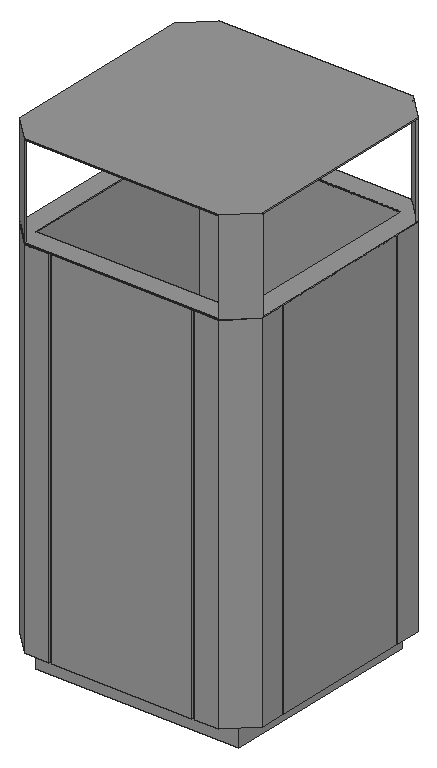
Revit family "Урна стальная «Стоунхендж» Арт 16845", category Антураж, Revit 2018
Family settings
  На основе рабочей плоскости = Нет
  Всегда вертикально = Да
  При загрузке вырезать с полостями = Нет
  Источник визуального образа = Геометрия семейства
  Общий = Нет
  Точка расчета площади = Нет
Parameters (values of type "Урна стальная «Стоунхендж»")
  Ширина = 500 mm  # constant formula
  Цвет урны = Зеленый
  Цвет крышки и основания = Темно зеленый
  Описание = "Урна стальная «Стоунхендж». Версия 500x500x1000 мм"  # constant formula
  Материал изделия = "Сталь"  # constant formula
  Изображение типоразмера = Урна стальная «Стоунхендж» Арт 16845.jpg
  Изготовитель = "ООО «Хоббика»"  # constant formula
  Длина = 500 mm  # constant formula
  Группа модели = "Уличные урны"  # constant formula
  Высота = 1000 mm  # constant formula
  Артикул товара = "Арт. 16845"  # constant formula
  URL = "https://hobbyka.ru/product/urna_stalnaya_stonehenge/"
Reference planes
  plane 1 "По центру (Вперед/Назад)": y = 0
  plane 2: z = 0
  plane 3 "По центру (Влево/Вправо)": x = 0
  plane 4: x = 500
  plane 5: y = 500
  plane 6: z = 1000
Forms (mm)
  Extrusion 1, solid, material "Темно зеленый" <- "Цвет крышки и основания"
    sketch origin (0, 0, 0) x (1, 0, 0) y (0, 1, 0)
      loop
        line (50, 500) -> (0, 450) -> (0, 50) -> (50, 0) -> (450, 0) -> (500, 50) -> (500, 450) -> (450, 500) -> (50, 500)
    from 806 to 1000
  Extrusion 2, solid, material "Темно зеленый" <- "Цвет крышки и основания"
    sketch origin (0, 0, 0) x (1, 0, 0) y (0, 1, 0)
      loop
        line (40, 460) -> (40, 40) -> (460, 40) -> (460, 460) -> (40, 460)
    from 0 to 50
  Extrusion 3, void
    sketch origin (0, 0, 0) x (1, 0, 0) y (0, 1, 0)
      loop
        line (50, 540) -> (50, 497.172) -> (2.828, 450) -> (-40, 450) -> (-40, 50) -> (2.828, 50) -> (50, 2.828) -> (50, -40) -> (450, -40) -> (450, 2.828) -> (497.172, 50) -> (540, 50) -> (540, 450) -> (497.172, 450) -> (450, 497.172) -> (450, 540) -> (50, 540)
    from 808 to 998
  Extrusion 4, void
    sketch origin (0, 0, 0) x (1, 0, 0) y (0, 1, 0)
      loop
        line (460, 460) -> (40, 460) -> (40, 40) -> (460, 40) -> (460, 460)
    from 109.959 to 959.875
  Extrusion 5, solid, material "Зеленый" <- "Цвет урны"
    sketch origin (0, 0, 0) x (1, 0, 0) y (0, 1, 0)
      loop
        line (50, 500) -> (0, 450) -> (0, 50) -> (50, 0) -> (450, 0) -> (500, 50) -> (500, 450) -> (450, 500) -> (50, 500)
    from 50 to 805
  Extrusion 6, void
    sketch origin (0, 0, 0) x (1, 0, 0) y (0, 1, 0)
      loop
        line (0, 100) -> (2, 100) -> (2, 105) -> (0, 105) -> (0, 100)
      loop
        line (0, 400) -> (0, 395) -> (2, 395) -> (2, 400) -> (0, 400)
      loop
        line (500, 100) -> (500, 105) -> (498, 105) -> (498, 100) -> (500, 100)
      loop
        line (500, 400) -> (498, 400) -> (498, 395) -> (500, 395) -> (500, 400)
      loop
        line (100, 500) -> (100, 498) -> (105, 498) -> (105, 500) -> (100, 500)
      loop
        line (400, 500) -> (395, 500) -> (395, 498) -> (400, 498) -> (400, 500)
      loop
        line (100, 0) -> (105, 0) -> (105, 2) -> (100, 2) -> (100, 0)
      loop
        line (400, 0) -> (400, 2) -> (395, 2) -> (395, 0) -> (400, 0)
    from 50 to 805
Cuts and joins
  Extrusion 3, Extrusion 4 cuts Extrusion 1
  Extrusion 3, Extrusion 4 cuts Extrusion 2
  Extrusion 4, Extrusion 6 cuts Extrusion 5
Dimensions and locks
  "Длина": plane 3 "По центру (Влево/Вправо)" to plane 4
  "Ширина": plane 5 to plane 1 "По центру (Вперед/Назад)"
  "Высота": plane 6 to plane 2
  aligned and locked: level to plane 2
Automatic sketch dimensions
  Extrusion 1 sketch curve to plane 3 "По центру (Влево/Вправо)" = 0 mm
  plane 1 "По центру (Вперед/Назад)" to Extrusion 1 sketch curve = 0 mm
  Extrusion 1 sketch curve to plane 5 = 0 mm
  Extrusion 1 sketch curve to plane 4 = 0 mm
  plane 3 "По центру (Влево/Вправо)" to Extrusion 1 sketch curve = 50 mm  (x2)
  Extrusion 1 sketch curve to plane 4 = 50 mm  (x2)
  Extrusion 1 sketch curve to plane 1 "По центру (Вперед/Назад)" = 50 mm  (x2)
  Extrusion 1 sketch curve to plane 5 = 50 mm  (x2)
  plane 3 "По центру (Влево/Вправо)" to Extrusion 2 sketch curve = 40 mm
  Extrusion 2 sketch curve to plane 4 = 40 mm
  Extrusion 2 sketch curve to plane 1 "По центру (Вперед/Назад)" = 40 mm
  Extrusion 2 sketch curve to plane 5 = 40 mm
  Extrusion 3 sketch curve to plane 3 "По центру (Влево/Вправо)" = 40 mm
  plane 3 "По центру (Влево/Вправо)" to Extrusion 3 sketch curve = 2.828 mm  (x2)
  plane 3 "По центру (Влево/Вправо)" to Extrusion 3 sketch curve = 50 mm  (x2)
  Extrusion 3 sketch curve to plane 5 = 2.828 mm  (x2)
  Extrusion 3 sketch curve to plane 4 = 50 mm  (x2)
  Extrusion 3 sketch curve to plane 1 "По центру (Вперед/Назад)" = 2.828 mm  (x2)
  Extrusion 3 sketch curve to plane 4 = 2.828 mm  (x2)
  plane 4 to Extrusion 3 sketch curve = 40 mm
  plane 1 "По центру (Вперед/Назад)" to Extrusion 3 sketch curve = 40 mm
  Extrusion 3 sketch curve to plane 1 "По центру (Вперед/Назад)" = 50 mm  (x2)
  Extrusion 3 sketch curve to plane 5 = 50 mm  (x2)
  plane 5 to Extrusion 3 sketch curve = 40 mm
  plane 3 "По центру (Влево/Вправо)" to Extrusion 4 sketch curve = 40 mm
  Extrusion 4 sketch curve to plane 4 = 40 mm
  Extrusion 4 sketch curve to plane 1 "По центру (Вперед/Назад)" = 40 mm
  Extrusion 4 sketch curve to plane 5 = 40 mm
  Extrusion 5 sketch curve to plane 3 "По центру (Влево/Вправо)" = 0 mm
  plane 1 "По центру (Вперед/Назад)" to Extrusion 5 sketch curve = 0 mm
  Extrusion 5 sketch curve to plane 5 = 0 mm
  Extrusion 5 sketch curve to plane 4 = 0 mm
  plane 3 "По центру (Влево/Вправо)" to Extrusion 5 sketch curve = 50 mm  (x2)
  Extrusion 5 sketch curve to plane 4 = 50 mm  (x2)
  Extrusion 5 sketch curve to plane 1 "По центру (Вперед/Назад)" = 50 mm  (x2)
  Extrusion 5 sketch curve to plane 5 = 50 mm  (x2)
  Extrusion 6 sketch curve to plane 3 "По центру (Влево/Вправо)" = 0 mm  (x2)
  plane 1 "По центру (Вперед/Назад)" to Extrusion 6 sketch curve = 0 mm  (x2)
  Extrusion 6 sketch curve to plane 5 = 0 mm  (x2)
  Extrusion 6 sketch curve to plane 4 = 0 mm  (x2)
  plane 3 "По центру (Влево/Вправо)" to Extrusion 6 sketch curve = 2 mm  (x2)
  plane 3 "По центру (Влево/Вправо)" to Extrusion 6 sketch curve = 100 mm  (x2)
  Extrusion 6 sketch curve to plane 5 = 2 mm  (x2)
  Extrusion 6 sketch curve to Extrusion 6 sketch curve = 5 mm  (x8)
  Extrusion 6 sketch curve to plane 4 = 105 mm  (x2)
  Extrusion 6 sketch curve to plane 4 = 2 mm
  Extrusion 6 sketch curve to Extrusion 6 sketch curve = 2 mm
  Extrusion 6 sketch curve to plane 1 "По центру (Вперед/Назад)" = 2 mm  (x2)
  Extrusion 6 sketch curve to plane 1 "По центру (Вперед/Назад)" = 100 mm  (x2)
  Extrusion 6 sketch curve to plane 5 = 105 mm  (x2)
